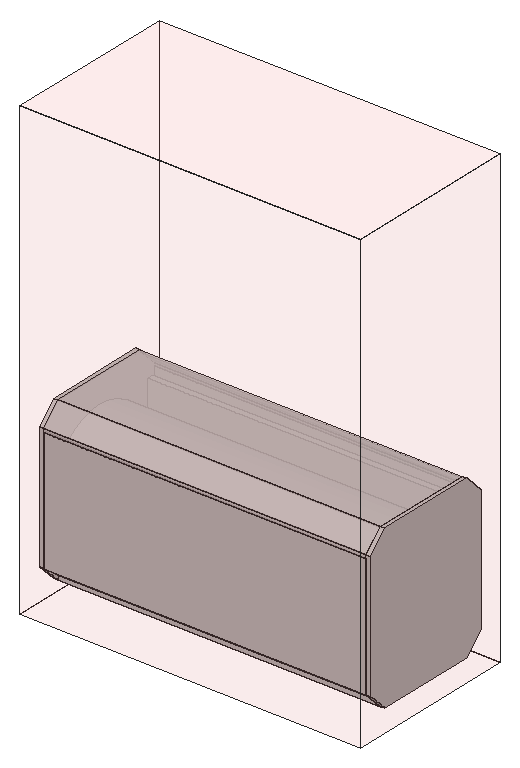
Revit family "Air-Curtain_Insect-Control_PoweredAire_RBT", category Mechanical Equipment, host Face, Revit 2023
Family settings
  Host = Face
  Round Connector Dimension = Use Diameter
  Part Type = Normal
  OmniClass Number = 23.75.35.17.21
  OmniClass Title = Air Curtains
  Cut with Voids When Loaded = No
  Maintain Annotation Orientation = No
  Shared = No
  Room Calculation Point = No
Parameters
  Warranty Duration (Years) = 0
  Unit Width Notes = "Other Widths available."  # constant formula
  Unit Width = 3' - 0"
  Unit Weight = 0
  Unit Height = 1' - 3"
  Unit Depth = 1' - 5 1/2"
  URL = "http://www.poweredaire.com/"
  Test Data = ""
  Standards Conformance = "as Specified"
  Specification = "http://www.arcat.com/sdspecs/htm04/23_34_33pai.htm"
  SpecWizard = ""
  Sound Pressure = "as Specified"
  Sales Information = "http://www.poweredaire.com/contact_us"
  Revision = "R1_2016-08"
  Projection from Host [instance] = 0' - 2"
  Product Properties = ""
  Product Data = "http://www.arcat.com/arcatcos/cos47/arc47623.html"
  Power Rating = 0 W
  Nozzle Width = if(1 = 1, Unit Width - 0' 1", 0' 0")  # 2' - 11"
  Mounting Width = if(1 = 1, Unit Width - 0' 0 15/16", 0' 0")  # 2' - 11 1/16"
  Mounting Height [instance] = 3' - 6"
  Motor RPM = 0
  Motor HP = 0
  Motor Count = 0
  Model = "As Specified"
  Max Height = 0' - 0"
  Manufacturer Website = "http://www.poweredaire.com/"
  Manufacturer Phone - Toll Free = "888-321-2473"
  Manufacturer Phone = "724-588-3305"
  Manufacturer Fax = "724-588-3371"
  Manufacturer Address = "109 Mortensen Rd.  Greenville, PA 16125"
  Manufacturer = "Powered Aire, Inc"
  Maintenance Schedule (Months) = 0
  Keynote = "23 34 33"
  Installation-Fabrication = ""
  Installation Phase = ""
  Include Clearance [instance] = yes
  Heating Element Load = 0 W
  HVAC_Temperature Rise = 0 °F
  HVAC_Outlet Volume = 0 CFM
  HVAC_Outlet Velocity Uniformity = 0
  HVAC_Outlet Velocity = 0 FPM
  Green Building-LEED = "http://www.arcat.com/green/clients/leed_data_47623.html"
  Front Grating Material [instance] = Metal - Steel - PoweredAire - Stainless 304 Perforated
  Frame Finish [instance] = Metal - Steel - PoweredAire - Stainless 304
  Expected Lifespan (Years) = 0
  Electrical_Wattage [instance] = Power Rating + Heating Element Load  # 0 W
  Electrical_Voltage [instance] = 0 V
  Electrical_Phase [instance] = 1
  Electrical_Frequency [instance] = 0 Hz
  Electrical_Amperage [instance] = 0 A
  Drawn By = "Sumex Design, Inc. / Robert S. Weygant, CSI, CDT, SCIP"
  Description = "Powered Aire Air Curtain as Specified"
  Default Elevation = 0' - 0"  # constant formula
  Copyright = "©Arcat Inc."
  Construction Details = "http://www.arcat.com/details/powair/prod3336.html"
  Clearance_Top [instance] = 0' - 2"
  Clearance_Side B [instance] = 0' - 0 1/2"
  Clearance_Side A [instance] = 0' - 0 1/2"
  Clearance_Intake [instance] = 2' - 6"
  Clearance_Bottom [instance] = 0' - 2"
  Clearance Material [instance] = ARCAT Clearance
  Building Codes = ""
  Available Options [instance] = "as Specified"
  Assembly Code = "D3090400"
Reference planes (in)
  plane 1 "Center (Elevation)": y = 0.13818
  plane 2: z = 0
  plane 3 "Center (Left/Right)": x = 0
  plane 4: y = 7.63818
  plane 5: y = -7.36182
  plane 6: x = -18
  plane 7: x = 18
  plane 8: z = 19.5
  plane 9 "FF": y = -41.86182
  plane 10: z = 2
  plane 11: x = 17.5
  plane 12: x = -17.5
  plane 13: y = 9.63818
  plane 14: y = -9.36182
  plane 15: x = -18.5
  plane 16: x = 18.5
  plane 17: z = 49.5
Forms (in)
  Extrusion 1, solid, material "Metal - Steel - PoweredAire - Stainless 304" <- "Frame Finish"
    sketch origin (0, 0, 0) x (0, 1, 0) y (0, 0, 1)
      loop
        line (5.69363, 2) -> (7.63818, 3.94454) -> (7.63818, 17.55546) -> (5.69363, 19.5) -> (-5.41728, 19.5) -> (-7.36182, 17.55546) -> (-7.36182, 3.94454) -> (-5.41728, 2) -> (5.69363, 2)
    from 17.5 to 18
  Extrusion 2, solid, material "Metal - Steel - PoweredAire - Stainless 304" <- "Frame Finish"
    sketch origin (0, 0, -0.5) x (0, 1, 0) y (0, 0, 1)
      loop
        circle (0.13818, 10.9739) r 6.25
      loop
        line (6.63818, 16.89427) -> (6.63818, 5.87829) -> (7.33849, 5.87829) -> (7.33849, 16.89427) -> (6.63818, 16.89427)
      loop
        line (-7.02798, 16.76927) -> (-7.02798, 5.75329) -> (-6.36182, 5.75329) -> (-6.36182, 16.76927) -> (-7.02798, 16.76927)
    from -17.5 to 17.5
  Extrusion 3, solid, material "Metal - Steel - PoweredAire - Stainless 304" <- "Frame Finish"
    sketch origin (0, 0, 0) x (0, 1, 0) y (0, 0, -1)
      loop
        line (5.69363, -2) -> (-5.41728, -2) -> (-7.36182, -3.94454) -> (-7.36182, -17.55546) -> (-5.41728, -19.5) -> (5.69363, -19.5) -> (7.63818, -17.55546) -> (7.63818, -3.94454) -> (5.69363, -2)
    from 17.5 to 18
  Extrusion 4, solid, material "Metal - Steel - PoweredAire - Stainless 304" <- "Frame Finish"
    sketch origin (0, 0, 0) x (0, 1, 0) y (0, 0, 1)
      loop
        line (-5.41728, 2) -> (5.69363, 2) -> (7.63818, 3.94454) -> (7.63818, 17.19454) -> (7.51318, 17.19454) -> (7.51318, 3.99632) -> (5.64186, 2.125) -> (-5.29228, 2.125) -> (-5.29228, 4.06954) -> (-7.23682, 4.06954) -> (-7.23682, 17.19454) -> (-7.36182, 17.19454) -> (-7.36182, 3.94454) -> (-5.41728, 3.94454) -> (-5.41728, 2)
      loop
        line (-6.64819, 3.61034) -> (-5.8702, 2.83235) -> (-5.74472, 2.95783) -> (-6.52271, 3.73583) -> (-6.64819, 3.61034)
    from -17.5 to 17.5
  Extrusion 5, solid, material "Metal - Steel - PoweredAire - Stainless 304 Perforated" <- "Front Grating Material"
    sketch origin (0, 0, 0) x (0, 1, 0) y (0, 0, 1)
      loop
        line (-7.36182, 17.19454) -> (-7.23682, 17.19454) -> (-7.23682, 17.50368) -> (-5.3655, 19.375) -> (5.64186, 19.375) -> (7.51318, 17.50368) -> (7.51318, 17.19454) -> (7.63818, 17.19454) -> (7.63818, 17.55546) -> (5.69363, 19.5) -> (-5.41728, 19.5) -> (-7.36182, 17.55546) -> (-7.36182, 17.19454)
    from -17.5 to 17.5
  Extrusion 6, solid, material "ARCAT Clearance" <- "Clearance Material", visible <- "Include Clearance"
    sketch origin (0, 0, 0) x (0, 1, 0) y (0, 0, 1)
      loop
        line (-9.36182, 49.5) -> (-9.36182, 0) -> (9.63818, 0) -> (9.63818, 49.5) -> (-9.36182, 49.5)
    from -18.5 to 18.5
Dimensions and locks (in)
  equal spacing: plane 4, plane 1 "Center (Elevation)", plane 5
  "Unit Height": plane 4 to plane 5
  equal spacing: plane 6, plane 3 "Center (Left/Right)", plane 7
  "Unit Width": plane 6 to plane 7
  "Mounting Height": plane 1 "Center (Elevation)" to plane 9 "FF"
  "Projection from Host": plane 10 to level
  "Unit Depth": plane 8 to plane 10
  locked: plane 6 to plane 12 at 0.5
  locked: plane 11 to plane 7 at 0.5
  "Clearance_Side A": plane 7 to plane 16
  "Clearance_Side B": plane 15 to plane 6
  "Clearance_Top": plane 13 to plane 4
  "Clearance_Bottom": plane 5 to plane 14
  "Clearance_Intake": plane 17 to plane 8
  aligned and locked: plane 2 to host face
  aligned and locked: level to host face
  aligned and locked: plane 7 to Extrusion 1
  aligned and locked: Extrusion 1 to plane 11
  aligned and locked: plane 12 to Extrusion 3
  aligned and locked: Extrusion 3 to plane 6
  aligned and locked: Extrusion 2 to plane 12
  aligned and locked: plane 11 to Extrusion 2
  aligned and locked: plane 11 to Extrusion 4
  aligned and locked: Extrusion 4 to plane 12
  aligned and locked: plane 11 to Extrusion 5
  aligned and locked: Extrusion 5 to plane 12
  aligned and locked: Extrusion 6 sketch curve to plane 17
  aligned and locked: plane 14 to Extrusion 6 sketch curve
  aligned and locked: level to Extrusion 6 sketch curve
  aligned and locked: Extrusion 6 sketch curve to plane 13
  aligned and locked: plane 16 to Extrusion 6
  aligned and locked: Extrusion 6 to plane 15
Automatic sketch dimensions
  host sketch curve to host sketch curve = 8' - 0"  (x2)
  Extrusion 1 sketch curve to plane 5 = 0' - 0"
  Extrusion 1 sketch curve to plane 8 = 0' - 0"
  Extrusion 1 sketch curve to plane 10 = 0' - 0"
  Extrusion 1 sketch curve to plane 4 = 0' - 0"
  plane 5 to Extrusion 1 sketch curve = 0' - 1.94454"  (x2)
  Extrusion 1 sketch curve to plane 4 = 0' - 1.94454"  (x2)
  plane 10 to Extrusion 1 sketch curve = 0' - 1.94454"  (x2)
  Extrusion 1 sketch curve to plane 8 = 0' - 1.94454"  (x2)
  Extrusion 2 sketch curve to plane 1 "Center (Elevation)" = 0' - 0"
  plane 5 to Extrusion 2 sketch curve = 0' - 1"
  plane 5 to Extrusion 2 sketch curve = 0' - 0.33384"
  Extrusion 2 sketch curve to plane 4 = 0' - 1"
  Extrusion 2 sketch curve to plane 4 = 0' - 0.29969"
  plane 10 to Extrusion 2 sketch curve = 0' - 3.37829"
  plane 10 to Extrusion 2 sketch curve = 0' - 3.25329"
  Extrusion 2 sketch curve to plane 8 = 0' - 9.0261"
  Extrusion 2 sketch curve to plane 8 = 0' - 3.23073"
  Extrusion 2 sketch curve to plane 8 = 0' - 3.10573"
  Extrusion 3 sketch curve to plane 5 = 0' - 0"
  Extrusion 3 sketch curve to plane 8 = 0' - 0"
  Extrusion 3 sketch curve to plane 10 = 0' - 0"
  Extrusion 3 sketch curve to plane 4 = 0' - 0"
  plane 5 to Extrusion 3 sketch curve = 0' - 1.94454"  (x2)
  Extrusion 3 sketch curve to plane 4 = 0' - 1.94454"  (x2)
  Extrusion 3 sketch curve to plane 8 = 0' - 1.94454"  (x2)
  plane 10 to Extrusion 3 sketch curve = 0' - 1.94454"  (x2)
  Extrusion 4 sketch curve to plane 5 = 0' - 0"
  Extrusion 4 sketch curve to plane 10 = 0' - 0"
  Extrusion 4 sketch curve to plane 4 = 0' - 0"
  plane 5 to Extrusion 4 sketch curve = 0' - 0 1/8"
  plane 5 to Extrusion 4 sketch curve = 0' - 0.71363"
  Extrusion 4 sketch curve to Extrusion 4 sketch curve = 0' - 0.12548"  (x2)
  Extrusion 4 sketch curve to Extrusion 4 sketch curve = 0' - 0.778"
  Extrusion 4 sketch curve to Extrusion 4 sketch curve = 0' - 0.32744"
  Extrusion 4 sketch curve to Extrusion 4 sketch curve = 0' - 0 1/8"  (x2)
  plane 10 to Extrusion 4 sketch curve = 0' - 0 1/8"
  Extrusion 4 sketch curve to plane 4 = 0' - 1.99632"
  Extrusion 4 sketch curve to Extrusion 4 sketch curve = 0' - 0.05178"  (x2)
  plane 10 to Extrusion 4 sketch curve = 0' - 0.83235"
  plane 10 to Extrusion 4 sketch curve = 0' - 1.94454"
  Extrusion 4 sketch curve to Extrusion 4 sketch curve = 0' - 0.3342"
  Extrusion 4 sketch curve to plane 4 = 0' - 0 1/8"
  Extrusion 4 sketch curve to plane 8 = 0' - 2.30546"  (x2)
  Extrusion 5 sketch curve to plane 5 = 0' - 0"
  Extrusion 5 sketch curve to plane 8 = 0' - 0"
  Extrusion 5 sketch curve to plane 4 = 0' - 0"
  plane 5 to Extrusion 5 sketch curve = 0' - 0 1/8"
  plane 5 to Extrusion 5 sketch curve = 0' - 1.94454"
  Extrusion 5 sketch curve to plane 8 = 0' - 0 1/8"
  Extrusion 5 sketch curve to Extrusion 5 sketch curve = 0' - 0.05178"  (x4)
  Extrusion 5 sketch curve to plane 4 = 0' - 1.99632"
  Extrusion 5 sketch curve to plane 8 = 0' - 1.94454"  (x2)
  Extrusion 5 sketch curve to Extrusion 5 sketch curve = 0' - 0 1/8"
  Extrusion 5 sketch curve to Extrusion 5 sketch curve = 0' - 0.30914"  (x2)
  radius of Extrusion 2 sketch curve = 0' - 6 1/4"
Connectors (in)
  electrical at (0, 7.63818, 10.56954), driven by "Electrical_Phase", driven by "Electrical_Voltage"
    settings: on Extrusion 4, index 1, voltage 0 V, apparent load 0 VA, apparent load phase1 0 VA, apparent load phase2 0 VA, apparent load phase3 0 VA, power factor 1, load classification "Motor", number of poles 1, system type 31, power factor state 1, is connector primary yes, connector utility no, sub classification motor no, connector description ""
